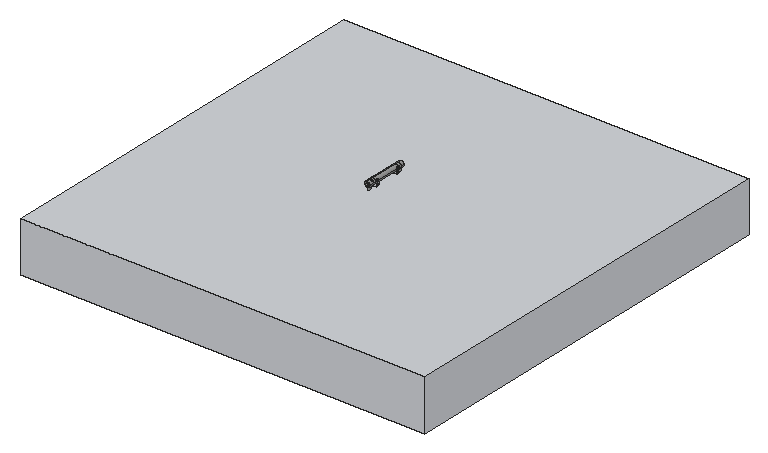
Revit family "L-line A_body", category Обобщенные модели, Revit 2017
Family settings
  Основа = Грань
  Может служить основой для арматурных стержней = Нет
  Размер круглого соединителя = Использовать диаметр
  Тип детали = Нормальный
  При загрузке вырезать с полостями = Нет
  Общий = Нет
  Точка расчета площади = Нет
Parameters
  Расстояние от светильника до плоскости = 150 mm
  Default Elevation = 1219.2 mm
  Начало выдавливания = Длина профиля / 2 * (-1)  # -125 mm
  Конец выдавливания = Длина профиля / 2  # 125 mm
  Драйвер, начальная точка = Длина профиля / (-2) + 2.5 mm  # -122.5 mm
  Драйвер, конечная точка = Длина профиля / 2 - 2.5 mm  # 122.5 mm
  Длина профиля = 250 mm
Reference planes
  plane 1 "По центру (Вперед/Назад)": y = 0
  plane 2: z = 0
  plane 3 "По центру (Влево/Вправо)": x = 0
  plane 4 "Плоскость расположения светильника": z = 150
Forms (mm)
  Extrusion 1, solid
    sketch origin (0, 0, 0) x (1, 0, 0) y (0, 1, 0)
      loop
        line (-1219.2, 1219.2) -> (-1219.2, -1219.2) -> (1219.2, -1219.2) -> (1219.2, 1219.2) -> (-1219.2, 1219.2)
    from 0 to -304.8
  Extrusion 2, solid, material "Пластик ПК/АБС"
    sketch origin (-0.012, 0, 76.46) x (0, 0, 1) y (1, 0, 0)
      loop
        line (57.295, 0) -> (57.295, 14.224) -> (55.737, 14.224) -> (55.737, -14.176) -> (57.295, -14.176) -> (57.295, 0)
    from -122.5 <- "Драйвер, начальная точка" to 122.5 <- "Драйвер, конечная точка"
  Extrusion 3, solid, material "Поликарбонат, прозрачный"
    sketch origin (-0.012, 0.083, 76.46) x (-1, 0, 0) y (0, 0, -1)
      loop
        circle (0, -56.539) r 16
      loop
        circle (0, -56.539) r 15
    from -125 <- "Начало выдавливания" to 125 <- "Конец выдавливания"
  Extrusion 4, solid, material "Поликарбонат, прозрачный"
    sketch origin (-0.012, -122.5, 76.46) x (0, 0, -1) y (1, 0, 0)
      loop
        circle (-56.516, 0.024) r 17.4
      loop
        circle (-56.527, 0) r 16
    from -33.5 to -17.9
  Extrusion 5, solid, material "Поликарбонат, прозрачный"
    sketch origin (-0.012, 122.5, 76.46) x (0, 0, 1) y (1, 0, 0)
      loop
        circle (56.516, 0.024) r 17.4
      loop
        circle (56.527, 0) r 16
    from -33.5 to -17.9
  Extrusion 6, solid, material "Поликарбонат, прозрачный"
    sketch origin (-14.187, 0, 132.196) x (0, -1, 0) y (-1, 0, 0)
      loop
        circle (-115.7, -14.176) r 6.8
      loop
        circle (115.7, -14.176) r 6.8
    from 30 to 13
  Extrusion 7, solid
    sketch origin (-0.012, 125.083, 76.46) x (1, 0, 0) y (0, 0, -1)
      loop
        line (-17.974, -30.697) -> (-17.974, -33.843)
        arc (-17.974, -33.843) -> (-18.273, -34.564) -> (-18.993, -34.863) r 1.019
        line (-18.993, -34.863) -> (-19.884, -34.863)
        arc (-19.884, -34.863) -> (-20.613, -35.165) -> (-20.916, -35.895) r 1.032
        line (-20.916, -35.895) -> (-20.916, -38.827)
        arc (-20.916, -38.827) -> (-20.612, -39.559) -> (-19.88, -39.863) r 1.036
        line (-19.88, -39.863) -> (-18.974, -39.863)
        arc (-18.974, -39.863) -> (-18.267, -40.156) -> (-17.974, -40.863) r 1
        line (-17.974, -40.863) -> (-17.974, -47.034)
        arc (-17.974, -47.034) -> (-18.248, -47.869) -> (-18.963, -48.381) r 1.413
        arc (-18.963, -48.381) -> (-19.382, -48.8) -> (-18.963, -49.22) r 0.419
        arc (-18.963, -49.22) -> (-18.248, -49.731) -> (-17.974, -50.567) r 1.413
        line (-17.974, -50.567) -> (-17.925, -55.697)
        arc (-17.925, -55.697) -> (-17.113, -59.518) -> (-15.495, -63.074) r 18
        arc (-15.495, -63.074) -> (-15.394, -63.827) -> (-15.866, -64.423) r 0.971
        arc (-15.866, -64.423) -> (-16.042, -64.842) -> (-15.778, -65.212) r 0.466
        line (-15.778, -65.212) -> (-14.225, -63.863)
        arc (-14.225, -63.863) -> (-13.66, -48.207) -> (0, -40.539) r 16
        arc (0, -40.539) -> (13.66, -48.207) -> (14.225, -63.863) r 16
        line (14.225, -63.863) -> (15.778, -65.212)
        arc (15.778, -65.212) -> (16.042, -64.842) -> (15.866, -64.423) r 0.466
        arc (15.866, -64.423) -> (15.394, -63.827) -> (15.495, -63.074) r 0.971
        arc (15.495, -63.074) -> (17.113, -59.518) -> (17.974, -55.697) r 18
        line (17.974, -55.697) -> (17.974, -50.567)
        arc (17.974, -50.567) -> (18.248, -49.731) -> (18.963, -49.22) r 1.413
        arc (18.963, -49.22) -> (19.382, -48.8) -> (18.963, -48.381) r 0.419
        arc (18.963, -48.381) -> (18.248, -47.869) -> (17.974, -47.034) r 1.413
        line (17.974, -47.034) -> (17.974, -40.863)
        arc (17.974, -40.863) -> (18.267, -40.156) -> (18.974, -39.863) r 1
        line (18.974, -39.863) -> (19.867, -39.863)
        arc (19.867, -39.863) -> (20.599, -39.559) -> (20.903, -38.827) r 1.036
        line (20.903, -38.827) -> (20.903, -35.895)
        arc (20.903, -35.895) -> (20.601, -35.165) -> (19.871, -34.863) r 1.032
        line (19.871, -34.863) -> (18.993, -34.863)
        arc (18.993, -34.863) -> (18.273, -34.564) -> (17.974, -33.843) r 1.019
        line (17.974, -33.843) -> (17.974, -30.697) -> (0, -30.697) -> (-17.974, -30.697)
    from -43.6 to -55.6
  Extrusion 8, solid
    sketch origin (-0.012, -124.917, 76.46) x (-1, 0, 0) y (0, 0, -1)
      loop
        line (17.974, -30.697) -> (0, -30.697) -> (-17.974, -30.697) -> (-17.974, -33.843)
        arc (-17.974, -33.843) -> (-18.273, -34.564) -> (-18.993, -34.863) r 1.019
        line (-18.993, -34.863) -> (-19.871, -34.863)
        arc (-19.871, -34.863) -> (-20.601, -35.165) -> (-20.903, -35.895) r 1.032
        line (-20.903, -35.895) -> (-20.903, -38.827)
        arc (-20.903, -38.827) -> (-20.599, -39.559) -> (-19.867, -39.863) r 1.036
        line (-19.867, -39.863) -> (-18.974, -39.863)
        arc (-18.974, -39.863) -> (-18.267, -40.156) -> (-17.974, -40.863) r 1
        line (-17.974, -40.863) -> (-17.974, -47.034)
        arc (-17.974, -47.034) -> (-18.248, -47.869) -> (-18.963, -48.381) r 1.413
        arc (-18.963, -48.381) -> (-19.382, -48.8) -> (-18.963, -49.22) r 0.419
        arc (-18.963, -49.22) -> (-18.248, -49.731) -> (-17.974, -50.567) r 1.413
        line (-17.974, -50.567) -> (-17.974, -55.697)
        arc (-17.974, -55.697) -> (-17.113, -59.518) -> (-15.495, -63.074) r 18
        arc (-15.495, -63.074) -> (-15.394, -63.827) -> (-15.866, -64.423) r 0.971
        arc (-15.866, -64.423) -> (-16.042, -64.842) -> (-15.778, -65.212) r 0.466
        line (-15.778, -65.212) -> (-14.225, -63.863)
        arc (-14.225, -63.863) -> (-13.66, -48.207) -> (0, -40.539) r 16
        arc (0, -40.539) -> (13.66, -48.207) -> (14.225, -63.863) r 16
        line (14.225, -63.863) -> (15.778, -65.212)
        arc (15.778, -65.212) -> (16.042, -64.842) -> (15.866, -64.423) r 0.466
        arc (15.866, -64.423) -> (15.394, -63.827) -> (15.495, -63.074) r 0.971
        arc (15.495, -63.074) -> (17.113, -59.518) -> (17.925, -55.697) r 18
        line (17.925, -55.697) -> (17.974, -50.567)
        arc (17.974, -50.567) -> (18.248, -49.731) -> (18.963, -49.22) r 1.413
        arc (18.963, -49.22) -> (19.382, -48.8) -> (18.963, -48.381) r 0.419
        arc (18.963, -48.381) -> (18.248, -47.869) -> (17.974, -47.034) r 1.413
        line (17.974, -47.034) -> (17.974, -40.863)
        arc (17.974, -40.863) -> (18.267, -40.156) -> (18.974, -39.863) r 1
        line (18.974, -39.863) -> (19.88, -39.863)
        arc (19.88, -39.863) -> (20.612, -39.559) -> (20.916, -38.827) r 1.036
        line (20.916, -38.827) -> (20.916, -35.895)
        arc (20.916, -35.895) -> (20.613, -35.165) -> (19.884, -34.863) r 1.032
        line (19.884, -34.863) -> (18.993, -34.863)
        arc (18.993, -34.863) -> (18.273, -34.564) -> (17.974, -33.843) r 1.019
        line (17.974, -33.843) -> (17.974, -30.697)
    from -43.6 to -55.6
Cuts and joins
  joined: Extrusion 3, Extrusion 6
Dimensions and locks
  "Расстояние от светильника до плоскости": plane 4 "Плоскость расположения светильника" to Extrusion 1
  aligned and locked: plane 2 to Extrusion 1
  aligned and locked: level to Extrusion 1
Automatic sketch dimensions
  Extrusion 1 sketch curve to Extrusion 1 sketch curve = 2438.4 mm  (x2)
  Extrusion 3 sketch curve to plane 3 "По центру (Влево/Вправо)" = 0.012 mm
  Extrusion 3 sketch curve to plane 4 "Плоскость расположения светильника" = 17.002 mm
  Extrusion 3 sketch curve to Extrusion 3 sketch curve = 0 mm  (x2)
  Extrusion 2 sketch curve to plane 4 "Плоскость расположения светильника" = 17.804 mm
  Extrusion 2 sketch curve to Extrusion 2 sketch curve = 1.558 mm
  Extrusion 2 sketch curve to plane 3 "По центру (Влево/Вправо)" = 14.187 mm
  Extrusion 2 sketch curve to plane 3 "По центру (Влево/Вправо)" = 0.012 mm
  plane 3 "По центру (Влево/Вправо)" to Extrusion 2 sketch curve = 14.213 mm
  Extrusion 6 sketch curve to Extrusion 2 = 6.8 mm  (x2)
  Extrusion 2 to Extrusion 6 sketch curve = 14.176 mm  (x2)
  Extrusion 7 sketch curve to Extrusion 7 sketch curve = 0 mm  (x11)
  Extrusion 7 sketch curve to Extrusion 7 sketch curve = 0.016 mm
  Extrusion 7 sketch curve to Extrusion 7 sketch curve = 14.225 mm  (x2)
  Extrusion 7 sketch curve to Extrusion 7 sketch curve = 1.353 mm  (x2)
  Extrusion 7 sketch curve to Extrusion 7 sketch curve = 0.199 mm  (x2)
  Extrusion 7 sketch curve to Extrusion 7 sketch curve = 0.751 mm  (x2)
  Extrusion 7 sketch curve to Extrusion 7 sketch curve = 17.974 mm  (x2)
  Extrusion 7 sketch curve to Extrusion 7 sketch curve = 0.989 mm  (x2)
  Extrusion 7 sketch curve to Extrusion 7 sketch curve = 1 mm  (x2)
  Extrusion 7 sketch curve to Extrusion 7 sketch curve = 1.019 mm  (x2)
  Extrusion 7 sketch curve to Extrusion 7 sketch curve = 1.413 mm  (x2)
  Extrusion 7 sketch curve to Extrusion 7 sketch curve = 0.424 mm  (x2)
  Extrusion 7 sketch curve to Extrusion 7 sketch curve = 0.905 mm
  Extrusion 7 sketch curve to Extrusion 7 sketch curve = 0.89 mm
  Extrusion 7 sketch curve to Extrusion 7 sketch curve = 1.032 mm
  Extrusion 7 sketch curve to Extrusion 7 sketch curve = 0.033 mm
  Extrusion 7 sketch curve to Extrusion 7 sketch curve = 0.893 mm
  Extrusion 7 sketch curve to Extrusion 7 sketch curve = 0.878 mm
  Extrusion 7 sketch curve to Extrusion 7 sketch curve = 1.036 mm
  Extrusion 7 sketch curve to Extrusion 7 sketch curve = 0.928 mm  (x2)
  Extrusion 7 sketch curve to Extrusion 7 sketch curve = 0.422 mm  (x2)
  Extrusion 7 sketch curve to Extrusion 7 sketch curve = 1.22 mm  (x2)
  Extrusion 7 sketch curve to Extrusion 7 sketch curve = 2.652 mm
  Extrusion 7 sketch curve to Extrusion 7 sketch curve = 13.003 mm  (x2)
  Extrusion 7 sketch curve to Extrusion 7 sketch curve = 0.419 mm  (x2)
  Extrusion 7 sketch curve to Extrusion 7 sketch curve = 6.171 mm  (x2)
  Extrusion 7 sketch curve to Extrusion 7 sketch curve = 2.932 mm  (x2)
  Extrusion 7 sketch curve to Extrusion 7 sketch curve = 3.147 mm
  Extrusion 7 sketch curve to Extrusion 7 sketch curve = 0.835 mm  (x2)
  Extrusion 7 sketch curve to Extrusion 7 sketch curve = 0.049 mm  (x2)
  Extrusion 8 sketch curve to Extrusion 8 sketch curve = 0 mm  (x11)
  Extrusion 8 sketch curve to Extrusion 8 sketch curve = 0.016 mm
  Extrusion 8 sketch curve to Extrusion 8 sketch curve = 14.225 mm  (x2)
  Extrusion 8 sketch curve to Extrusion 8 sketch curve = 1.353 mm  (x2)
  Extrusion 8 sketch curve to Extrusion 8 sketch curve = 0.199 mm  (x2)
  Extrusion 8 sketch curve to Extrusion 8 sketch curve = 0.751 mm  (x2)
  Extrusion 8 sketch curve to Extrusion 8 sketch curve = 17.974 mm  (x2)
  Extrusion 8 sketch curve to Extrusion 8 sketch curve = 0.989 mm  (x2)
  Extrusion 8 sketch curve to Extrusion 8 sketch curve = 1 mm  (x2)
  Extrusion 8 sketch curve to Extrusion 8 sketch curve = 1.019 mm  (x2)
  Extrusion 8 sketch curve to Extrusion 8 sketch curve = 0.424 mm  (x2)
  Extrusion 8 sketch curve to Extrusion 8 sketch curve = 0.893 mm
  Extrusion 8 sketch curve to Extrusion 8 sketch curve = 0.878 mm
  Extrusion 8 sketch curve to Extrusion 8 sketch curve = 1.032 mm  (x2)
  Extrusion 8 sketch curve to Extrusion 8 sketch curve = 0.033 mm
  Extrusion 8 sketch curve to Extrusion 8 sketch curve = 1.413 mm  (x2)
  Extrusion 8 sketch curve to Extrusion 8 sketch curve = 0.905 mm
  Extrusion 8 sketch curve to Extrusion 8 sketch curve = 0.89 mm
  Extrusion 8 sketch curve to Extrusion 8 sketch curve = 0.928 mm  (x2)
  Extrusion 8 sketch curve to Extrusion 8 sketch curve = 0.422 mm  (x2)
  Extrusion 8 sketch curve to Extrusion 8 sketch curve = 1.22 mm  (x2)
  Extrusion 8 sketch curve to Extrusion 8 sketch curve = 2.652 mm
  Extrusion 8 sketch curve to Extrusion 8 sketch curve = 13.003 mm  (x2)
  Extrusion 8 sketch curve to Extrusion 8 sketch curve = 0.419 mm  (x2)
  Extrusion 8 sketch curve to Extrusion 8 sketch curve = 6.171 mm  (x2)
  Extrusion 8 sketch curve to Extrusion 8 sketch curve = 2.932 mm  (x2)
  Extrusion 8 sketch curve to Extrusion 8 sketch curve = 3.147 mm
  Extrusion 8 sketch curve to Extrusion 8 sketch curve = 0.835 mm  (x2)
  Extrusion 8 sketch curve to Extrusion 8 sketch curve = 0.049 mm  (x2)
  Extrusion 2 to Extrusion 4 sketch curve = 0.779 mm
  Extrusion 4 sketch curve to Extrusion 4 sketch curve = 0.011 mm
  Extrusion 2 to Extrusion 4 sketch curve = 14.176 mm
  Extrusion 4 sketch curve to Extrusion 4 sketch curve = 0.024 mm
  Extrusion 5 sketch curve to Extrusion 2 = 0.779 mm
  Extrusion 5 sketch curve to Extrusion 5 sketch curve = 0.011 mm
  Extrusion 5 sketch curve to Extrusion 2 = 14.176 mm
  Extrusion 5 sketch curve to Extrusion 5 sketch curve = 0.024 mm
  radius of Extrusion 3 sketch curve = 16 mm
  radius of Extrusion 3 sketch curve = 15 mm
  radius of Extrusion 6 sketch curve = 6.8 mm  (x2)
  radius of Extrusion 7 sketch curve to Extrusion 3 = 0 mm
  radius of Extrusion 8 sketch curve to Extrusion 3 = 0 mm
  radius of Extrusion 4 sketch curve = 17.4 mm
  radius of Extrusion 4 sketch curve = 16 mm
  radius of Extrusion 5 sketch curve = 17.4 mm
  radius of Extrusion 5 sketch curve = 16 mm
